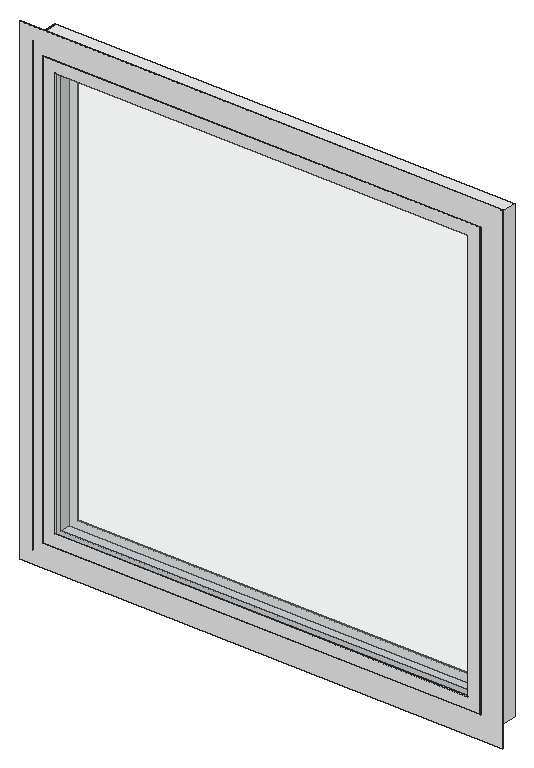
Revit family "Casement_36_B_Top_Hung_Standard", category Windows, host Wall, Revit 2014
Parameters (values of type "Casement_Sash_DG")
  Width Sash [instance] = 30 mm
  Width Sash Inner = 15 mm
  Width Bead = 15 mm
  Top Hung [instance] = yes
  Side Hung Right [instance] = yes
  Side Hung Left [instance] = yes
  Sash Opening Width [instance] = 600 mm
  Sash Opening Height [instance] = 600.312 mm
  Sash Lip = 15 mm
  Glazing Material [instance] = Glass
  DG Start Piece 2 [instance] = DG End Piece 1 + DG Gasket Thickness  # 25 mm
  DG Start Peice 1 [instance] = (Depth Sash - (2 * DG Glazing Thickness) - DG Gasket Thickness) / 2  # 6.6 mm
  Glazing Offset = 5 mm
  DG Glazing Thickness [instance] = 6.4 mm
  DG Gasket Thickness = 12 mm  # constant formula
  DG Gasket Material [instance] = none
  DG End Piece 2 [instance] = DG Start Piece 2 + DG Glazing Thickness  # 31.4 mm
  DG End Piece 1 [instance] = DG Start Peice 1 + DG Glazing Thickness  # 13 mm
  Depth Sash [instance] = 38 mm
  Center Vertical Sash [instance] = Sash Opening Height / 2  # 300.156 mm
  Center Horizontal Sash [instance] = Sash Opening Width / 2  # 300 mm
  Bottom Hung [instance] = yes
  Bead Offset = 15 mm
  Aluminium Thickness = 1 mm
  Aluminium Material [instance] = White Powder Coated Aluminium
Reference planes
  plane 1 "Center (Front/Back)": y = 0
  plane 2: z = 0
  plane 3 "Center (Left/Right)": x = 0
Forms (mm)
  Sweep 1, solid, material "White Powder Coated Aluminium" <- "Aluminium Material"
    path origin (16.177, 0, 121.331) x (1, 0, 0) y (0, 0, 1)
      loop
        line (0, 0) -> (600, 0) -> (600, 600.312) -> (0, 600.312) -> (0, 0)
    profile origin (316.177, 0, 121.331) x (0, 0, 1) y (0, -1, 0)
      loop
        line (0, 0) -> (30, 0) -> (30, 1) -> (15, 1) -> (15, 38) -> (-15, 38) -> (-15, 37) -> (0, 37) -> (0, 0)
      loop
        line (14, 1) -> (14, 37) -> (1, 37) -> (1, 1) -> (14, 1)
  Sweep 2, solid, material "White Powder Coated Aluminium" <- "Aluminium Material"
    path origin (0, 0, 0) x (1, 0, 0) y (0, 0, 1)
      loop
        line (31.177, 706.643) -> (31.177, 136.331) -> (601.177, 136.331) -> (601.177, 706.643) -> (31.177, 706.643)
    profile origin (316.177, 0, 706.643) x (0, 0, 1) y (0, -1, 0)
      loop
        line (0, 37) -> (0, 38) -> (-15, 38) -> (-15, 37) -> (0, 37)
  Extrusion 3, solid, material "Glass" <- "Glazing Material"
    sketch origin (0, 0, 0) x (1, 0, 0) y (0, 0, 1)
      loop
        line (36.177, 701.643) -> (36.177, 141.331) -> (596.177, 141.331) -> (596.177, 701.643) -> (36.177, 701.643)
    from 6.6 <- "DG Start Peice 1" to 13 <- "DG End Piece 1"
  Extrusion 4, solid, material "Glass" <- "Glazing Material"
    sketch origin (0, 0, 0) x (1, 0, 0) y (0, 0, 1)
      loop
        line (36.177, 701.643) -> (36.177, 141.331) -> (596.177, 141.331) -> (596.177, 701.643) -> (36.177, 701.643)
    from 31.4 <- "DG End Piece 2" to 25 <- "DG Start Piece 2"
  Sweep 5, solid, material <- "DG Gasket Material"
    path origin (0, -13, 0) x (1, 0, 0) y (0, 0, 1)
      loop
        line (36.177, 701.643) -> (36.177, 141.331) -> (596.177, 141.331) -> (596.177, 701.643) -> (36.177, 701.643)
    profile origin (316.177, -13, 701.643) x (0, 0, 1) y (0, -1, 0)
      loop
        line (0, 0) -> (0, 12) -> (-7.96, 12) -> (-7.96, 0) -> (0, 0)
Lines and regions (mm)
  model lines
    curve 1: line (1.177, -38, 736.643) -> (31.177, -38, 706.643)
    curve 2: line (601.177, -38, 706.643) -> (631.177, -38, 736.643)
    curve 3: line (601.177, -38, 136.331) -> (631.177, -38, 106.331)
    curve 4: line (1.177, -38, 106.331) -> (31.177, -38, 136.331)
    curve 5: line (631.177, -37, 736.643) -> (616.177, -37, 721.643)
    curve 6: line (1.177, -37, 736.643) -> (16.177, -37, 721.643)
    curve 7: line (1.177, -37, 106.331) -> (16.177, -37, 121.331)
    curve 8: line (631.177, -37, 106.331) -> (616.177, -37, 121.331)
    curve 9: line (616.177, 0, 121.331) -> (586.177, 0, 151.331)
    curve 10: line (46.177, 0, 151.331) -> (16.177, 0, 121.331)
    curve 11: line (616.177, 0, 721.643) -> (586.177, 0, 691.643)
    curve 12: line (46.177, 0, 691.643) -> (16.177, 0, 721.643)
    curve 13: line (31.177, -38, 691.643) -> (46.177, -38, 691.643)
    curve 14: line (586.177, -38, 691.643) -> (601.177, -38, 691.643)
    curve 15: line (586.177, -38, 151.331) -> (601.177, -38, 151.331)
    curve 16: line (31.177, -38, 151.331) -> (46.177, -38, 151.331)
  model lines, style "GenericModelHiddenLines", visible <- "Top Hung"
    curve 17: line (46.386, -31.4, 690.914) -> (316.177, -31.4, 151.331)
    curve 18: line (316.177, -31.4, 151.331) -> (586.177, -31.4, 691.331)
  model lines, style "GenericModelHiddenLines", visible <- "Bottom Hung"
    curve 19: line (46.177, -31.4, 151.331) -> (316.177, -31.4, 691.331)
    curve 20: line (316.177, -31.4, 691.331) -> (586.177, -31.4, 151.331)
  model lines, style "GenericModelHiddenLines", visible <- "Side Hung Left"
    curve 21: line (46.386, -31.4, 690.914) -> (585.24, -31.4, 421.487)
    curve 22: line (585.24, -31.4, 421.487) -> (46.177, -31.4, 151.331)
  model lines, style "GenericModelHiddenLines", visible <- "Side Hung Right"
    curve 23: line (586.177, -31.4, 691.331) -> (46.177, -31.4, 421.487)
    curve 24: line (46.177, -31.4, 421.487) -> (586.177, -31.4, 151.331)
Dimensions and locks
  "Aluminium Thickness": Sweep 1 sketch curve to Sweep 1 sketch curve  (x4)
  "Depth Sash": Sweep 1 sketch curve to Sweep 1 sketch curve
  "Sash Opening Width": Sweep 1 to Sweep 1
  "Sash Opening Height": Sweep 1 to Sweep 1
  "Width Sash": Sweep 1 sketch curve to Sweep 1 sketch curve  (x2)
  "Width Sash Inner": Sweep 1 sketch curve to Sweep 1 sketch curve
  "Sash Lip": Sweep 1 sketch curve to Sweep 1 sketch curve
  "Aluminium Thickness": Sweep 1 to Sweep 2 sketch curve
  "Glazing Offset": Sweep 2 to Extrusion 3 sketch curve  (x3)
  "Glazing Offset": Extrusion 3 sketch curve to Sweep 2
  Sweep 1 to Sweep 1 = 1 mm
  "Aluminium Thickness": Sweep 2 sketch curve to Sweep 2 sketch curve
  "Width Bead": Sweep 2 sketch curve to Sweep 2 sketch curve
  locked: Sweep 5 sketch curve to Sweep 5 sketch curve at 7.96
  "Center Horizontal Sash": Sweep 1 to curve 18
  "Center Horizontal Sash": Sweep 1 to curve 20
  "Center Vertical Sash": Sweep 1 to curve 22
  "Center Vertical Sash": Sweep 1 to curve 24
  aligned and locked: level to plane 2
  aligned and locked: Sweep 1 sketch curve to Sweep 1 sketch curve  (x2)
  aligned and locked: Sweep 2 sketch curve to Sweep 1  (x5)
  aligned and locked: Extrusion 4 sketch curve to Extrusion 3  (x4)
  aligned and locked: Sweep 5 sketch curve to Extrusion 3  (x5)
  aligned and locked: Extrusion 3 to Sweep 5 sketch curve
Automatic sketch dimensions
  plane 3 "Center (Left/Right)" to Sweep 1 sketch curve = 16.177 mm
  level to Sweep 1 sketch curve = 121.331 mm
  plane 3 "Center (Left/Right)" to Sweep 1 sketch curve = 616.177 mm
  level to Sweep 1 sketch curve = 721.643 mm
  profile plane to Sweep 5 sketch curve = 12 mm
  curve 7 to Sweep 1 = 0 mm  (x4)
  curve 6 to Sweep 1 = 0 mm  (x3)
  Sweep 1 to curve 6 = 0 mm
  curve 5 to Sweep 1 = 0 mm  (x3)
  curve 8 to Sweep 1 = 0 mm  (x4)
  Sweep 1 to curve 5 = 0 mm
  curve 16 to Sweep 2 = 0 mm  (x3)
  curve 13 to Sweep 2 = 0 mm  (x3)
  curve 15 to Sweep 2 = 0 mm
  Sweep 2 to curve 15 = 0 mm  (x2)
  curve 14 to Sweep 2 = 0 mm  (x2)
  Sweep 2 to curve 14 = 0 mm
  curve 1 to Sweep 1 = 0 mm  (x4)
  curve 4 to Sweep 1 = 0 mm  (x3)
  Sweep 1 to curve 4 = 0 mm
  curve 3 to Sweep 1 = 0 mm  (x3)
  curve 2 to Sweep 1 = 0 mm  (x4)
  Sweep 1 to curve 3 = 0 mm
  curve 10 to Sweep 1 = 0 mm  (x4)
  curve 12 to Sweep 1 = 0 mm  (x3)
  Sweep 1 to curve 12 = 0 mm
  curve 9 to Sweep 1 = 0 mm  (x4)
  curve 11 to Sweep 1 = 0 mm  (x3)
  Sweep 1 to curve 11 = 0 mm
  Sweep 1 sketch curve to plane 1 "Center (Front/Back)" = 0 mm
  profile plane to Sweep 1 sketch curve = 0 mm
  curve 21 to Extrusion 4 = 10.208 mm
  curve 19 to Extrusion 4 = 10 mm
  curve 23 to Extrusion 4 = 10 mm  (x2)
  curve 22 to Extrusion 4 = 10.937 mm
  curve 20 to Extrusion 4 = 10 mm
  curve 24 to Extrusion 4 = 10 mm
  curve 22 to Extrusion 4 = 10 mm
  curve 18 to Extrusion 4 = 10 mm
  curve 21 to Extrusion 4 = 10.729 mm
  curve 19 to Extrusion 4 = 10.312 mm
  curve 18 to Extrusion 4 = 10.312 mm
Types in the file's own list only (6): name | Windload Design | Width Sash Opening | Width Sash | Width Profile | Width Panel 4 | Width Panel 1 | Width | URL | Offset Window Exterior | Max System DG Unit Thickness | Max System DG One Piece Thickness | Max Pane Area | Limit Fixed Panel Width Max | Intruderprufe U Value | Intruderprufe SHGC Value | Intruderprufe LowE U Value | Intruderprufe LowE SHGC Value | Intruderprufe Insulated U Value | Intruderprufe Insulated SHGC Value | Intruderprufe Insulated LowE U Value | Intruderprufe Insulated LowE SHGC Value | Height Sash Opening | Height | Energy Advantage U Value | Energy Advantage SHGC Value | DG Thickness Calc | Custom Window Width | Custom Window Height | Window Exterior Offset | Custom Windload | Custom Sash Width | Sash Spacing Inner | Sash Overlap | Sash Center Offset | SG Gasket Thickness | Offset Sash Left | Offset Sash Top | Offset Panel 4 Left | Offset Mullion Left | Offset Bead SG Center Reversed | Model | Manufacturer | Limit Window Width Min | Limit Window Width Max | Limit Window Height Min | Limit Window Height Max | Limit Sash Width Min | Limit Sash Width Max | Limit Sash Height Min | Limit Sash Height Max | Limit Fixed Panel Width Min | Length Mullion | Height Sash | Height Panel 4 | Description | Depth Mullion | Frame Center Offset | Depth Bead | Default Sill Height | Wall Closure | DG Gasket Finish | DG Extrusion Start | Mullion Depth Windload Based | Clearvue U Value | Clearvue SHGC Value | Clearvue Insulated U Value | Clearvue Insulated SHGC Value | Clearvue Insulated LowE U Value | Clearvue Insulated LowE SHGC Value | Casement Dimension | Bottom Hung | Bead SG Gap | Area Pane Right | Area Pane Left
  36-1206T-1000Pa | 1000 mm | 554 mm | 524 mm | 30 mm | 561 mm | 539 mm | 1190 mm | "http://www.crealco.co.za/crealco-products.php" | 18 mm | 25 mm | 6 mm | 0.29 m² | 1500 mm | 6.07 | 0.537 | 4.77 | 0.476 | 4.16 | 0.453 | 3.72 | 0.418 | 544 mm | 590 mm | 4.89 | 0.505 | 4 mm | 1190 mm | 590 mm | 0 mm | 1000 mm | 554 mm | 8 mm | 7 mm | 15 mm | 6 mm | 23 mm | 23 mm | 599 mm | 569 mm | 18 mm | "Casement 36" | "Crealco" | 829 mm | 2129 mm | 346 mm | 946 mm | 300 mm | 1200 mm | 300 mm | 900 mm | 200 mm | 590 mm | 514 mm | 530 mm | "Window 36mm, Type B top hung" | 37 mm | 18 mm | 22 mm | 800 mm | By host | Double Glazing Gasket Material | 8 mm | 37 mm | 6.21 | 0.563 | 4.27 | 0.496 | 3.8 | 0.452 | 36 mm | No | 13 mm | 0.29 m² | 0.23 m²
  36-1506T-1000Pa | 1000 mm | 554 mm | 524 mm | 30 mm | 861 mm | 539 mm | 1490 mm | "http://www.crealco.co.za/crealco-products.php" | 18 mm | 25 mm | 6 mm | 0.44 m² | 1500 mm | 6.1 | 0.535 | 4.8 | 0.474 | 4.18 | 0.451 | 3.75 | 0.415 | 544 mm | 590 mm | 4.93 | 0.503 | 4 mm | 1490 mm | 590 mm | 0 mm | 1000 mm | 554 mm | 8 mm | 7 mm | 15 mm | 6 mm | 23 mm | 23 mm | 599 mm | 569 mm | 18 mm | "Casement 36" | "Crealco" | 829 mm | 2129 mm | 346 mm | 946 mm | 300 mm | 1200 mm | 300 mm | 900 mm | 200 mm | 590 mm | 514 mm | 530 mm | "Window 36mm, Type B top hung" | 37 mm | 18 mm | 22 mm | 800 mm | By host | Double Glazing Gasket Material | 8 mm | 37 mm | 6.24 | 0.561 | 4.3 | 0.495 | 3.84 | 0.451 | 36 mm | No | 13 mm | 0.44 m² | 0.23 m²
  36-1206T-1500Pa | 1500 mm | 554 mm | 524 mm | 30 mm | 561 mm | 539 mm | 1190 mm | "http://www.crealco.co.za/crealco-products.php" | 18 mm | 25 mm | 6 mm | 0.29 m² | 1500 mm | 6.07 | 0.537 | 4.77 | 0.476 | 4.16 | 0.453 | 3.72 | 0.418 | 544 mm | 590 mm | 4.89 | 0.505 | 4 mm | 1190 mm | 590 mm | 0 mm | 1500 mm | 554 mm | 8 mm | 7 mm | 15 mm | 6 mm | 23 mm | 23 mm | 599 mm | 569 mm | 18 mm | "Casement 36" | "Crealco" | 829 mm | 2129 mm | 346 mm | 946 mm | 300 mm | 1200 mm | 300 mm | 900 mm | 200 mm | 590 mm | 514 mm | 530 mm | "Window 36mm, Type B top hung" | 37 mm | 18 mm | 22 mm | 800 mm | By host | Double Glazing Gasket Material | 8 mm | 37 mm | 6.21 | 0.563 | 4.27 | 0.496 | 3.8 | 0.452 | 36 mm | No | 13 mm | 0.29 m² | 0.23 m²
  36-1206T-2000Pa | 2000 mm | 554 mm | 524 mm | 30 mm | 561 mm | 539 mm | 1190 mm | "http://www.crealco.co.za/crealco-products.php" | 18 mm | 25 mm | 6 mm | 0.29 m² | 1500 mm | 6.07 | 0.537 | 4.77 | 0.476 | 4.16 | 0.453 | 3.72 | 0.418 | 544 mm | 590 mm | 4.89 | 0.505 | 4 mm | 1190 mm | 590 mm | 0 mm | 2000 mm | 554 mm | 8 mm | 7 mm | 15 mm | 6 mm | 23 mm | 23 mm | 599 mm | 569 mm | 18 mm | "Casement 36" | "Crealco" | 829 mm | 2129 mm | 346 mm | 946 mm | 300 mm | 1200 mm | 300 mm | 900 mm | 200 mm | 590 mm | 514 mm | 530 mm | "Window 36mm, Type B top hung" | 37 mm | 18 mm | 22 mm | 800 mm | By host | Double Glazing Gasket Material | 8 mm | 37 mm | 6.21 | 0.563 | 4.27 | 0.496 | 3.8 | 0.452 | 36 mm | No | 13 mm | 0.29 m² | 0.23 m²
  36-1506T-1500Pa | 1500 mm | 554 mm | 524 mm | 30 mm | 861 mm | 539 mm | 1490 mm | "http://www.crealco.co.za/crealco-products.php" | 18 mm | 25 mm | 6 mm | 0.44 m² | 1500 mm | 6.1 | 0.535 | 4.8 | 0.474 | 4.18 | 0.451 | 3.75 | 0.415 | 544 mm | 590 mm | 4.93 | 0.503 | 4 mm | 1490 mm | 590 mm | 0 mm | 1500 mm | 554 mm | 8 mm | 7 mm | 15 mm | 6 mm | 23 mm | 23 mm | 599 mm | 569 mm | 18 mm | "Casement 36" | "Crealco" | 829 mm | 2129 mm | 346 mm | 946 mm | 300 mm | 1200 mm | 300 mm | 900 mm | 200 mm | 590 mm | 514 mm | 530 mm | "Window 36mm, Type B top hung" | 37 mm | 18 mm | 22 mm | 800 mm | By host | Double Glazing Gasket Material | 8 mm | 37 mm | 6.24 | 0.561 | 4.3 | 0.495 | 3.84 | 0.451 | 36 mm | No | 13 mm | 0.44 m² | 0.23 m²
  36-1506T-2000Pa | 2000 mm | 554 mm | 524 mm | 30 mm | 861 mm | 539 mm | 1490 mm | "http://www.crealco.co.za/crealco-products.php" | 18 mm | 25 mm | 6 mm | 0.44 m² | 1500 mm | 6.1 | 0.535 | 4.8 | 0.474 | 4.18 | 0.451 | 3.75 | 0.415 | 544 mm | 590 mm | 4.93 | 0.503 | 4 mm | 1490 mm | 590 mm | 0 mm | 2000 mm | 554 mm | 8 mm | 7 mm | 15 mm | 6 mm | 23 mm | 23 mm | 599 mm | 569 mm | 18 mm | "Casement 36" | "Crealco" | 829 mm | 2129 mm | 346 mm | 946 mm | 300 mm | 1200 mm | 300 mm | 900 mm | 200 mm | 590 mm | 514 mm | 530 mm | "Window 36mm, Type B top hung" | 37 mm | 18 mm | 22 mm | 800 mm | By host | Double Glazing Gasket Material | 8 mm | 37 mm | 6.24 | 0.561 | 4.3 | 0.495 | 3.84 | 0.451 | 36 mm | No | 13 mm | 0.44 m² | 0.23 m²
